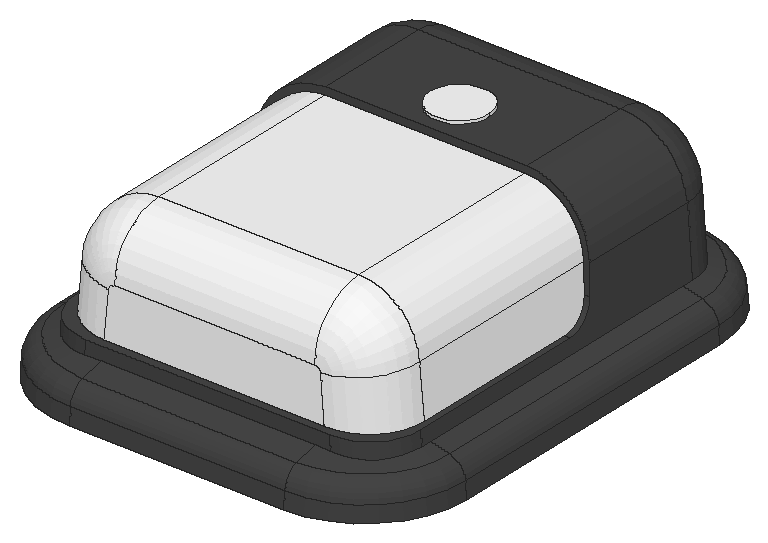
Revit family "AFX-Patton-Outdoor_Sconce", category Lighting Fixtures, host Face, Revit 2021
Family settings
  Host = Face
  Round Connector Dimension = Use Diameter
  Part Type = Normal
  Cut with Voids When Loaded = No
  Light Source = Yes
  Shared = No
  Room Calculation Point = No
Parameters (values of type "PATW0608LAJENBK")
  Width = 6 1/4"
  Wattage Comments = "9"
  Wattage = 9.2903 W
  built-in parameter 1150110 = 1 (stored number, unit not read)
  Voltage = 120 V
  URL = "https://www.afxinc.com/"
  Type Comments = "Patton"  # constant formula
  built-in parameter 1114217 = 1 (stored number, unit not read)
  Tilt Angle = 180.00°
  built-in parameter 1150109 = 1 (stored number, unit not read)
  built-in parameter 1150134 = 3
  built-in parameter 1150113 = 1 (stored number, unit not read)
  Revit File Built By = "https://servex-us.com/servex-revit/"
  Product Documentation Link = "https://www.afxinc.com/products/productDetail.cfm?productID=2715"
  Power Factor = 1
  Position Screen [instance] = if(and(Flip Ligthing), 0.00°, -90.00°)  # 0.00°
  Photometric Web File = "OWP100 12W 3000K_IESNA2002.IES"
  Model = "PATW0608LAJENBK"
  Manufacturer = "AFX Inc"  # constant formula
  built-in parameter 1150105 = 109.82 (stored number, unit not read)
  Lumens = 1380 lm
  built-in parameter 1150115 = 1 (stored number, unit not read)
  built-in parameter 1150137 = (empty or 0)
  built-in parameter 1150139 = (empty or 0)
  built-in parameter 1150112 = 1 (stored number, unit not read)
  built-in parameter 1150114 = 1 (stored number, unit not read)
  Lamp = ""
  Keynote = "12500"  # constant formula
  built-in parameter 1150132 = (empty or 0)
  built-in parameter 1150102 = (empty or 0)
  built-in parameter 1150107 = 3200 (stored number, unit not read)
  built-in parameter 1150138 = (empty or 0)
  built-in parameter 1150106 = 1.0982 (stored number, unit not read)
  Height = 7 3/4"
  Flip Ligthing [instance] = yes
  Emit from Line Length = 2"
  built-in parameter 1150104 = 13.8 (stored number, unit not read)
  Dimming Lamp Color Temperature Shift = <None>
  Diffuser Finish = AFX - White Acrylic
  Description = "Outdoor LED wall light Polycarbonate housing and diffuser - 6 1/4\"W x 2 1/2\"D x 7 3/4\"H"
  Depth = 2 1/2"
  Default Elevation = 48"
  Colour Rendering Index = "80"
  Color Filter = 16777215
  Body Finish = AFX - Black Steel
  built-in parameter 1114218 = 1 (stored number, unit not read)
  built-in parameter 1150133 = 10 (stored number, unit not read)
  Assembly Code = "D5020200"
  Apparent Load = 0 VA
Reference planes (in)
  plane 1 "Center (Front/Back)": y = -2.19889
  plane 2: z = 0
  plane 3 "Center (Left/Right)": x = 0
  plane 4: x = -3.125
  plane 5: x = 3.125
  plane 6: y = 1.67611
  plane 7: y = -6.07389
  plane 8: z = 2.5
Forms (in)
  Sweep 1, solid, material "AFX - Black Steel" <- "Body Finish"
    path origin (0, 0, 0) x (1, 0, 0) y (0, 1, 0)
      loop
        arc (-1.60238, 1.67611) -> (-2.67904, 1.23014) -> (-3.125, 0.15349) r 1.52262
        line (-3.125, 0.15349) -> (-3.125, -4.52949)
        arc (-3.125, -4.52949) -> (-2.67265, -5.62155) -> (-1.5806, -6.07389) r 1.5444
        line (-1.5806, -6.07389) -> (1.60214, -6.07389)
        arc (1.60214, -6.07389) -> (2.67896, -5.62786) -> (3.125, -4.55103) r 1.52286
        line (3.125, -4.55103) -> (3.125, 0.15067)
        arc (3.125, 0.15067) -> (2.67821, 1.22932) -> (1.59956, 1.67611) r 1.52544
        line (1.59956, 1.67611) -> (-1.60238, 1.67611)
    profile origin (-0.00141, 1.67611, 0) x (0, 1, 0) y (0, 0, 1)
      loop
        line (-0.10564, 0) -> (-0.00716, 0) -> (-0.028, 0.23825)
        arc (-0.028, 0.23825) -> (-0.10081, 0.41402) -> (-0.26126, 0.51623) r 0.31633
        line (-0.26126, 0.51623) -> (-0.60096, 0.60726) -> (-0.60096, 0.50519) -> (-0.28599, 0.42079)
        arc (-0.28599, 0.42079) -> (-0.17576, 0.35057) -> (-0.12574, 0.22982) r 0.21732
        line (-0.12574, 0.22982) -> (-0.10564, 0)
  Extrusion 2, void
    sketch origin (0, 0, 0) x (0, 1, 0) y (0, 0, 1)
      loop
        line (-1.53031, 1.17052) -> (-1.39816, 2.68097) -> (-6.07389, 2.68097) -> (-6.07389, 0.80709) -> (-1.92692, 0.80709)
        arc (-1.92692, 0.80709) -> (-1.65795, 0.91169) -> (-1.53031, 1.17052) r 0.39813
    from -3.125 to 3.125
  Extrusion 3, solid, material "AFX - Black Steel" <- "Body Finish"
    sketch origin (0, 0, 0) x (1, 0, 0) y (0, 1, 0)
      loop
        line (-3.01936, 0.15349) -> (-3.01936, -4.52949)
        arc (-3.01936, -4.52949) -> (-2.59796, -5.54685) -> (-1.5806, -5.96826) r 1.43877
        line (-1.5806, -5.96826) -> (1.60214, -5.96826)
        arc (1.60214, -5.96826) -> (2.60427, -5.55316) -> (3.01936, -4.55103) r 1.41722
        line (3.01936, -4.55103) -> (3.01936, 0.15067)
        arc (3.01936, 0.15067) -> (2.60351, 1.15462) -> (1.59956, 1.57047) r 1.4198
        line (1.59956, 1.57047) -> (-1.60238, 1.57047)
        arc (-1.60238, 1.57047) -> (-2.60434, 1.15545) -> (-3.01936, 0.15349) r 1.41698
    from 0 to 0.10065
  Sweep 4, solid, material "AFX - Black Steel" <- "Body Finish"
    path origin (0, -2.19889, 0) x (1, 0, 0) y (0, 0, 1)
      loop
        line (-2.57884, 0.59257) -> (-2.49183, 1.58716)
        arc (-2.49183, 1.58716) -> (-2.17122, 2.23728) -> (-1.49563, 2.5) r 1
        line (-1.49563, 2.5) -> (1.49563, 2.5)
        arc (1.49563, 2.5) -> (2.17122, 2.23728) -> (2.49183, 1.58716) r 1
        line (2.49183, 1.58716) -> (2.57884, 0.59257)
    profile origin (0, -2.19889, 2.5) x (0, 0, 1) y (0, -1, 0)
      loop
        line (0, -2.52394) -> (0, 2.52394)
        arc (0, 2.52394) -> (-0.21967, 3.05427) -> (-0.75, 3.27394) r 0.75
        line (-0.75, 3.27394) -> (-0.87428, 3.27394) -> (-0.87428, -3.27394) -> (-0.75, -3.27394)
        arc (-0.75, -3.27394) -> (-0.21967, -3.05427) -> (0, -2.52394) r 0.75
  Sweep 5, solid, material "AFX - White Acrylic" <- "Diffuser Finish"
    path origin (0, -2.19889, 0) x (1, 0, 0) y (0, 0, 1)
      loop
        line (-2.4631, 0.80709) -> (-2.39649, 1.56847)
        arc (-2.39649, 1.56847) -> (-2.10396, 2.16165) -> (-1.48755, 2.40136) r 0.91241
        line (-1.48755, 2.40136) -> (1.48604, 2.40136)
        arc (1.48604, 2.40136) -> (2.10357, 2.16121) -> (2.39662, 1.56696) r 0.91406
        line (2.39662, 1.56696) -> (2.4631, 0.80709)
    profile origin (-0.00076, -2.19889, 2.40136) x (0, 0, 1) y (0, -1, 0)
      loop
        line (0, -1.01918) -> (0, 2.32076)
        arc (0, 2.32076) -> (-0.24154, 2.9039) -> (-0.82468, 3.14544) r 0.82468
        line (-0.82468, 3.14544) -> (-0.85806, 3.14544) -> (-0.85806, -1.01918) -> (0, -1.01918)
  Extrusion 6, solid, material "AFX - Black Steel" <- "Body Finish"
    sketch origin (0, -2.19889, 0) x (1, 0, 0) y (0, 0, 1)
      loop
        line (-1.62088, 1.51096) -> (-1.70789, 0.51637) -> (1.70789, 0.51637) -> (1.62088, 1.51096)
        arc (1.62088, 1.51096) -> (1.58057, 1.59269) -> (1.49563, 1.62572) r 0.12572
        line (1.49563, 1.62572) -> (-1.49563, 1.62572)
        arc (-1.49563, 1.62572) -> (-1.58057, 1.59269) -> (-1.62088, 1.51096) r 0.12572
    from -3.27404 to 3.27404
  Extrusion 7, solid, material "AFX - White Acrylic" <- "Diffuser Finish"
    sketch origin (0, -2.19889, 0) x (1, 0, 0) y (0, 0, 1)
      loop
        line (-1.54169, 1.49368) -> (-1.60831, 0.7323) -> (1.60831, 0.7323) -> (1.54183, 1.49218)
        arc (1.54183, 1.49218) -> (1.52387, 1.52859) -> (1.48604, 1.5433) r 0.056
        line (1.48604, 1.5433) -> (-1.48755, 1.5433)
        arc (-1.48755, 1.5433) -> (-1.52427, 1.52902) -> (-1.54169, 1.49368) r 0.05436
    from -1.01918 to 3.14544
  Extrusion 8, solid, material "AFX - White Acrylic" <- "Diffuser Finish"
    sketch origin (0, 0, 0) x (1, 0, 0) y (0, 1, 0)
      loop
        circle (0, -0.79053) r 0.43514
    from 2.5 to 2.54088
Cuts and joins
  Extrusion 2 cuts Sweep 1
  joined: Sweep 1, Extrusion 3
  Extrusion 2 cuts Sweep 4
  Extrusion 2 cuts Extrusion 6
  joined: Sweep 4, Extrusion 6
  joined: Sweep 5, Extrusion 7
Lines and regions (in)
  symbolic lines
    curve 1: line (-1.5916, 1.67611, 0) -> (1.58528, 1.67611, 0)
    curve 2: line (-3.125, -4.50164, 0) -> (-3.125, 0.14271, 0)
    curve 3: line (1.58611, -6.07389, 0) -> (-1.55275, -6.07389, 0)
    curve 4: line (3.125, 0.13639, 0) -> (3.125, -4.53501, 0)
    curve 5: arc (3.125, -4.53501, 0) -> (2.67427, -5.62316, 0) -> (1.58611, -6.07389, 0) r 1.53889
    curve 6: arc (1.58528, 1.67611, 0) -> (2.67403, 1.22514, 0) -> (3.125, 0.13639, 0) r 1.53972
    curve 7: arc (-3.125, 0.14271, 0) -> (-2.67588, 1.22699, 0) -> (-1.5916, 1.67611, 0) r 1.5334
    curve 8: arc (-1.55275, -6.07389, 0) -> (-2.6645, -5.61339, 0) -> (-3.125, -4.50164, 0) r 1.57225
    curve 9: line (-1.82884, 1.07515, 0) -> (1.82884, 1.07515, 0)
    curve 10: line (-2.57884, -4.72283, 0) -> (-2.57884, 0.32515, 0)
    curve 11: line (2.57884, 0.32515, 0) -> (2.57884, -4.68357, 0)
    curve 12: line (-1.82884, -5.47283, 0) -> (1.78959, -5.47283, 0)
    curve 13: arc (-2.57884, -4.72283, 0) -> (-2.35917, -5.25316, 0) -> (-1.82884, -5.47283, 0) r 0.75
    curve 14: arc (-1.82884, 1.07515, 0) -> (-2.35917, 0.85548, 0) -> (-2.57884, 0.32515, 0) r 0.75
    curve 15: arc (2.57884, 0.32515, 0) -> (2.35917, 0.85548, 0) -> (1.82884, 1.07515, 0) r 0.75
    curve 16: arc (1.78959, -5.47283, 0) -> (2.34768, -5.24166, 0) -> (2.57884, -4.68357, 0) r 0.78925
    curve 17: line (1.51168, -1.41399, 0) -> (-1.51168, -1.41399, 0)
    curve 18: spline (-1.51168, -1.41399, 0) -> (-1.63374, -1.41483, 0) -> (-1.7537, -1.41697, 0) -> (-1.86978, -1.42036, 0) -> (-1.98023, -1.42497, 0) -> (-2.08342, -1.43071, 0) -> (-2.1778, -1.43751, 0) -> (-2.26195, -1.44526, 0) -> (-2.33462, -1.45385, 0) -> (-2.39472, -1.46314, 0) -> (-2.44136, -1.47301, 0) -> (-2.47384, -1.4833, 0) -> (-2.49167, -1.49386, 0)
    curve 19: spline (-2.52828, -1.53037, 0) -> (-2.53248, -1.53747, 0) -> (-2.53658, -1.5504, 0) -> (-2.54051, -1.56897, 0) -> (-2.54421, -1.5929, 0) -> (-2.54763, -1.62183, 0) -> (-2.55071, -1.65533, 0) -> (-2.55342, -1.69291, 0) -> (-2.55571, -1.73399, 0) -> (-2.55754, -1.77797, 0) -> (-2.55889, -1.82418, 0) -> (-2.55974, -1.87194, 0) -> (-2.56008, -1.92053, 0)
    curve 20: line (-2.49183, -1.49386, 0) -> (-2.52828, -1.53031, 0)
    curve 21: line (-2.56008, -1.92053, 0) -> (-2.56008, -4.72283, 0)
    curve 22: spline (2.49167, -1.49386, 0) -> (2.47384, -1.4833, 0) -> (2.44136, -1.47301, 0) -> (2.39472, -1.46314, 0) -> (2.33462, -1.45385, 0) -> (2.26195, -1.44526, 0) -> (2.1778, -1.43751, 0) -> (2.08342, -1.43071, 0) -> (1.98023, -1.42497, 0) -> (1.86978, -1.42036, 0) -> (1.7537, -1.41697, 0) -> (1.63374, -1.41483, 0) -> (1.51168, -1.41399, 0)
    curve 23: line (2.52828, -1.53031, 0) -> (2.49183, -1.49386, 0)
    curve 24: spline (2.56008, -1.92053, 0) -> (2.55974, -1.87194, 0) -> (2.55889, -1.82418, 0) -> (2.55754, -1.77797, 0) -> (2.55571, -1.73399, 0) -> (2.55342, -1.69291, 0) -> (2.55071, -1.65533, 0) -> (2.54763, -1.62183, 0) -> (2.54421, -1.5929, 0) -> (2.54051, -1.56897, 0) -> (2.53658, -1.5504, 0) -> (2.53248, -1.53747, 0) -> (2.52828, -1.53037, 0)
    curve 25: line (2.56008, -4.72283, 0) -> (2.56008, -1.92053, 0)
    curve 26: arc (0.43514, -0.79053, 0) -> (0, -0.35539, 0) -> (-0.43514, -0.79053, 0) r 0.43514
    curve 27: arc (-0.43514, -0.79053, 0) -> (0, -1.22567, 0) -> (0.43514, -0.79053, 0) r 0.43514
    curve 28: line (-3.11784, -2.19889, 0) -> (3.11784, -2.19889, 0)
    curve 29: line (2.57888, -2.19889, 0.59211) -> (-2.57888, -2.19889, 0.59211)
    curve 30: line (3.11784, -2.19889, 0) -> (3.09647, -2.19889, 0.24423)
    curve 31: line (2.57888, -2.19889, 0.59211) -> (2.49183, -2.19889, 1.58716)
    curve 32: line (1.49563, -2.19889, 2.5) -> (-1.49563, -2.19889, 2.5)
    curve 33: line (-2.57888, -2.19889, 0.59211) -> (-2.49183, -2.19889, 1.58716)
    curve 34: arc (-1.49563, -2.19889, 2.5) -> (-2.17122, -2.19889, 2.23728) -> (-2.49183, -2.19889, 1.58716) r 1
    curve 35: arc (2.49183, -2.19889, 1.58716) -> (2.17122, -2.19889, 2.23728) -> (1.49563, -2.19889, 2.5) r 1
    curve 36: line (2.57884, -2.19889, 0.59257) -> (2.86953, -2.19889, 0.51468)
    curve 37: arc (3.09647, -2.19889, 0.24423) -> (3.02564, -2.19889, 0.41523) -> (2.86953, -2.19889, 0.51468) r 0.30777
    curve 38: line (-3.11784, -2.19889, 0) -> (-3.09647, -2.19889, 0.24423)
    curve 39: line (-2.57884, -2.19889, 0.59257) -> (-2.86953, -2.19889, 0.51468)
    curve 40: arc (-3.09647, -2.19889, 0.24423) -> (-3.02564, -2.19889, 0.41523) -> (-2.86953, -2.19889, 0.51468) r 0.30777
Dimensions and locks (in)
  "Width": plane 4 to plane 5
  equal spacing: plane 4, plane 3 "Center (Left/Right)", plane 5
  equal spacing: plane 6, plane 1 "Center (Front/Back)", plane 7
  "Height": plane 6 to plane 7
  "Depth": plane 8 to plane 2
  aligned and locked: plane 2 to host face
  aligned and locked: level to host face
  aligned and locked: Extrusion 2 to plane 4
  aligned and locked: Extrusion 2 to plane 5
  aligned and locked: Sweep 5 to Extrusion 7
  aligned and locked: imposter light to plane 8
  aligned and locked: curve 28 to cut or joined group of Sweep 1, Extrusion 2, Extrusion 3
  aligned and locked: curve 32 to cut or joined group of Extrusion 2, Sweep 4, Extrusion 6
Automatic sketch dimensions
  host sketch curve to host sketch curve = 96"  (x2)
  Extrusion 7 sketch curve to plane 8 = 1.00632"
  Extrusion 7 sketch curve to plane 3 "Center (Left/Right)" = 1.54169"
  Extrusion 7 sketch curve to Extrusion 7 sketch curve = 0.05415"
  plane 3 "Center (Left/Right)" to Extrusion 7 sketch curve = 1.48604"
  Extrusion 7 sketch curve to plane 8 = 1 1/128"
  Extrusion 7 sketch curve to Extrusion 7 sketch curve = 0.05579"
  Extrusion 7 sketch curve to Extrusion 7 sketch curve = 0.00474"
  Extrusion 7 sketch curve to Extrusion 7 sketch curve = 0.06661"
  Extrusion 7 sketch curve to Extrusion 7 sketch curve = 0.06648"
  level to Extrusion 7 sketch curve = 0.7323"
  Extrusion 8 sketch curve to plane 3 "Center (Left/Right)" = 0"
  Extrusion 8 sketch curve to plane 1 "Center (Front/Back)" = 1.40836"
  curve 26 to curve 27 = 0"  (x2)
  curve 7 to plane 4 = 0"
  curve 1 to plane 6 = 0"
  curve 3 to plane 7 = 0"
  curve 26 to plane 3 "Center (Left/Right)" = 0"
  curve 4 to plane 5 = 0"
  plane 4 to curve 10 = 0.54616"
  curve 21 to plane 1 "Center (Front/Back)" = 0.27836"
  plane 4 to curve 21 = 0.56492"
  plane 7 to curve 12 = 0.60106"
  curve 21 to curve 12 = 0.73123"
  curve 9 to plane 6 = 0.60096"
  curve 10 to curve 9 = 3/4"
  curve 14 to curve 7 = 0.23724"
  curve 13 to curve 8 = 0.27609"
  curve 19 to curve 17 = 1.04839"
  curve 17 to plane 1 "Center (Front/Back)" = 0.7849"
  plane 3 "Center (Left/Right)" to curve 17 = 1.51168"
  plane 5 to curve 1 = 1.53972"
  plane 5 to curve 3 = 1.53889"
  curve 3 to curve 12 = 0.20348"
  curve 6 to curve 15 = 0.24356"
  curve 25 to plane 1 "Center (Front/Back)" = 0.27836"
  plane 5 to curve 25 = 0.56492"
  plane 5 to curve 11 = 0.54616"
  curve 26 to plane 1 "Center (Front/Back)" = 1.40836"
  curve 19 to curve 20 = 0.0318"
  curve 20 to curve 19 = 0"
  curve 19 to curve 19 = 0.03475"
  curve 19 to curve 18 = 0.03005"
  curve 18 to curve 20 = 0.00345"
  curve 20 to curve 18 = 0.00016"
  curve 18 to curve 18 = 0.01791"
  curve 27 to curve 26 = 0.43514"
  curve 22 to curve 17 = 0.01791"
  curve 22 to curve 24 = 0.06841"
  curve 22 to curve 23 = 0.00016"
  curve 23 to curve 22 = 0.00345"
  curve 24 to curve 24 = 0.03475"
  curve 24 to curve 24 = 0.00295"
  curve 24 to curve 23 = 0"
  curve 10 to curve 21 = 0"
  curve 25 to curve 11 = 0.03925"
  curve 19 to curve 19 = 0.00713"
  curve 24 to curve 24 = 0.00713"
  curve 19 to curve 19 = 0.39016"
  curve 24 to curve 24 = 0.39016"
  curve 19 to curve 20 = 0.00006"
  curve 24 to curve 23 = 0.00006"
  curve 19 to curve 18 = 0.02767"
  curve 22 to curve 17 = 0.08727"
  curve 18 to curve 20 = 0"
  curve 22 to curve 23 = 0"
  plane 4 to curve 38 = 0.00716"
  plane 4 to curve 38 = 0.02853"
  plane 4 to curve 39 = 0.25547"
  level to curve 40 = 0.2174"
  curve 38 to curve 40 = 0.3066"
  curve 39 to curve 33 = 0.29065"
  plane 4 to curve 33 = 0.63317"
  curve 33 to curve 32 = 0.99619"
  plane 3 "Center (Left/Right)" to curve 35 = 1.49563"
  plane 5 to curve 31 = 0.63317"
  plane 5 to curve 29 = 0.54612"
  plane 5 to curve 37 = 0.33512"
  plane 5 to curve 36 = 0.25547"
  plane 5 to curve 30 = 0.02853"
  plane 5 to curve 28 = 0.00716"
  level to curve 37 = 0.2174"
  curve 37 to curve 29 = 0.07743"
  curve 29 to curve 39 = 0.00004"
  Sweep 1 sketch curve to plane 4 = 0"
  Sweep 1 sketch curve to plane 6 = 0"
  Sweep 1 sketch curve to plane 7 = 0"
  Sweep 1 sketch curve to plane 5 = 0"
  Sweep 1 sketch curve to Sweep 1 sketch curve = 1.52262"
  plane 4 to Sweep 1 sketch curve = 1.5444"
  plane 5 to Sweep 1 sketch curve = 1.52544"
  plane 5 to Sweep 1 sketch curve = 1.52286"
  Sweep 1 sketch curve to level = 0"
  profile plane to Sweep 1 sketch curve = 0.60096"
  profile plane to Sweep 1 sketch curve = 0.34313"
  Sweep 1 sketch curve to Sweep 1 sketch curve = 0.0009"
  Sweep 1 sketch curve to Sweep 1 sketch curve = 0.05625"
  Sweep 1 sketch curve to Sweep 1 sketch curve = 0.02473"
  profile plane to Sweep 1 sketch curve = 0.12574"
  profile plane to Sweep 1 sketch curve = 0.10564"
  profile plane to Sweep 1 sketch curve = 0.028"
  profile plane to Sweep 1 sketch curve = 0.00716"
  level to Sweep 1 sketch curve = 0.21068"
  Sweep 1 sketch curve to Sweep 1 sketch curve = 0.0002"
  Sweep 1 sketch curve to Sweep 1 sketch curve = 0.01894"
  Sweep 1 sketch curve to Sweep 1 sketch curve = 0.00843"
  Sweep 1 sketch curve to Sweep 1 sketch curve = 0.0844"
  Sweep 1 sketch curve to Sweep 1 sketch curve = 0.10207"
  Extrusion 2 sketch curve to plane 7 = 0"
  Extrusion 2 sketch curve to plane 1 "Center (Front/Back)" = 0.27197"
  Extrusion 2 sketch curve to Extrusion 2 sketch curve = 0.39662"
  plane 8 to Extrusion 2 sketch curve = 0.18097"
  Extrusion 2 sketch curve to plane 1 "Center (Front/Back)" = 0.80073"
  level to Extrusion 2 sketch curve = 1.20522"
  Extrusion 2 sketch curve to Extrusion 2 sketch curve = 0.0347"
  plane 4 to Extrusion 3 sketch curve = 0.10564"
  Extrusion 3 sketch curve to plane 6 = 0.10564"
  plane 4 to Extrusion 3 sketch curve = 1.52262"
  plane 7 to Extrusion 3 sketch curve = 0.10564"
  plane 4 to Extrusion 3 sketch curve = 1.5444"
  plane 5 to Extrusion 3 sketch curve = 1.52544"
  plane 5 to Extrusion 3 sketch curve = 1.52286"
  plane 5 to Extrusion 3 sketch curve = 0.10564"
  plane 4 to Sweep 4 sketch curve = 0.63317"
  Sweep 4 sketch curve to Sweep 4 sketch curve = 0.99619"
  plane 3 "Center (Left/Right)" to Sweep 4 sketch curve = 1.49563"
  plane 5 to Sweep 4 sketch curve = 0.63317"
  Sweep 4 sketch curve to plane 8 = 1"
  level to Sweep 4 sketch curve = 1 1/2"
  Sweep 4 sketch curve to plane 8 = 0.91284"
  plane 4 to Sweep 4 sketch curve = 0.54616"
  plane 5 to Sweep 4 sketch curve = 0.54616"
  level to Sweep 4 sketch curve = 0.59257"  (x2)
  profile plane to Sweep 4 sketch curve = 0"
  profile plane to Sweep 4 sketch curve = 3/4"
  Sweep 4 sketch curve to Sweep 4 sketch curve = 3/4"
  Sweep 4 sketch curve to Sweep 4 sketch curve = 0.12428"
  Sweep 4 sketch curve to plane 1 "Center (Front/Back)" = 3.27394"
  plane 1 "Center (Front/Back)" to Sweep 4 sketch curve = 2.52394"
  plane 4 to Sweep 5 sketch curve = 0.72851"
  Sweep 5 sketch curve to Sweep 5 sketch curve = 0.90894"
  plane 3 "Center (Left/Right)" to Sweep 5 sketch curve = 1.48604"
  plane 5 to Sweep 5 sketch curve = 0.72838"
  Sweep 5 sketch curve to plane 8 = 1.0127"
  level to Sweep 5 sketch curve = 1.48894"
  Sweep 5 sketch curve to Sweep 5 sketch curve = 0.07967"
  plane 4 to Sweep 5 sketch curve = 0.6619"
  plane 5 to Sweep 5 sketch curve = 0.6619"
  Sweep 5 sketch curve to Sweep 5 sketch curve = 0.76138"
  Sweep 5 sketch curve to Sweep 5 sketch curve = 0.75988"
  profile plane to Sweep 5 sketch curve = 0"
  profile plane to Sweep 5 sketch curve = 0.82468"
  Sweep 5 sketch curve to Sweep 5 sketch curve = 0.03338"
  Sweep 5 sketch curve to profile plane = 1.01918"
  profile plane to Sweep 5 sketch curve = 2.32076"
  level to Extrusion 6 sketch curve = 0.51637"
  plane 4 to Extrusion 6 sketch curve = 1.41711"
  Extrusion 6 sketch curve to Extrusion 6 sketch curve = 0.08702"  (x2)
  Extrusion 6 sketch curve to Extrusion 6 sketch curve = 0.12524"  (x2)
  plane 3 "Center (Left/Right)" to Extrusion 6 sketch curve = 1.49563"
  Extrusion 6 sketch curve to plane 8 = 0.98904"
  Extrusion 6 sketch curve to plane 8 = 1"
  Extrusion 6 sketch curve to Extrusion 6 sketch curve = 0.01096"
  radius of Extrusion 8 sketch curve = 0.43514"
Connectors (in)
  electrical at (0.00234, -2.19649, 0), driven by "Voltage", driven by "Apparent Load", driven by "Power Factor"
    settings: on cut or joined group of Sweep 1, Extrusion 2, Extrusion 3, index 1, voltage 120 V, apparent load 0 VA, apparent load phase1 0 VA, apparent load phase2 0 VA, apparent load phase3 0 VA, power factor 1, load classification "Lighting", number of poles 1, system type 31, power factor state 1, is connector primary yes, connector utility no, sub classification motor no, connector description ""
